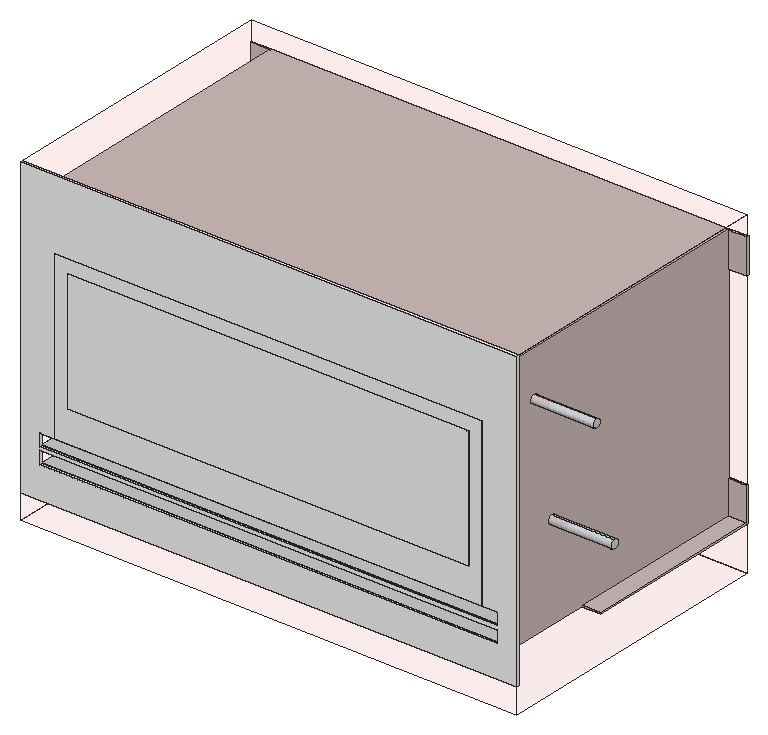
Revit family "Air-Curtain_Customer-Entry_PoweredAire_ECC-HW", category Mechanical Equipment, host Face, Revit 2025
Family settings
  Host = Face
  Round Connector Dimension = Use Diameter
  Part Type = Normal
  OmniClass Number = 23.75.35.17.21
  OmniClass Title = Air Curtains
  Cut with Voids When Loaded = No
  Maintain Annotation Orientation = No
  Shared = No
  Room Calculation Point = No
Parameters
  upperpiperotation [instance] = if(Upper Pipe Connection Side A, 0.00°, 180.00°)  # 0.00°
  lowerpiperotation [instance] = if(Lower Pipe Connection Side A, 0.00°, 180.00°)  # 0.00°
  locateupperpipe [instance] = if(Upper Pipe Connection Side A, 0' 0", Nozzle Width)  # 0' - 0"
  locatelowerpipe [instance] = if(Lower Pipe Connection Side A, 0' 0", Nozzle Width)  # 0' - 0"
  Warranty Duration (Years) = 0
  Upper Pipe Connection Side A [instance] = yes
  Unit Width Notes = "Other Widths available."  # constant formula
  Unit Width = 3' - 3"
  Unit Weight = 0
  Unit Height = 1' - 10 3/4"
  Unit Depth = 1' - 11 1/4"
  URL = "http://www.poweredaire.com/"
  Test Data = ""
  Standards Conformance = "as Specified"
  Specification = "http://www.arcat.com/sdspecs/htm04/23_34_33pai.htm"
  SpecWizard = ""
  Sound Pressure = "as Specified"
  Sales Information = "http://www.poweredaire.com/contact_us"
  Revision = "R1_2016-08"
  Projection from Host [instance] = 0' - 2"
  Product Properties = ""
  Product Data = "http://www.arcat.com/arcatcos/cos47/arc47623.html"
  Power Rating = 0 W
  Piping_Water Flow [instance] = 0 GPM
  Piping_Operating Pressure [instance] = 0.00 psi
  Piping_Exit Temperature [instance] = 0 °F
  Piping_Entry Temperature [instance] = 0 °F
  Pipe OD [instance] = 5/8"
  Nozzle Width = if(1 = 1, Unit Width - 0' 3", 0' 0")  # 3' - 0"
  Mounting Width = if(1 = 1, Unit Width - 0' 1 1/2", 0' 0")  # 3' - 1 1/2"
  Mounting Height [instance] = 3' - 6"
  Motor RPM = 0
  Motor HP = 0
  Motor Count = 0
  Model = "As Specified"
  Max Height = 0' - 0"
  Manufacturer Website = "http://www.poweredaire.com/"
  Manufacturer Phone - Toll Free = "888-321-2473"
  Manufacturer Phone = "724-588-3305"
  Manufacturer Fax = "724-588-3371"
  Manufacturer Address = "109 Mortensen Rd.  Greenville, PA 16125"
  Manufacturer = "Powered Aire, Inc"
  Maintenance Schedule (Months) = 0
  Lower Pipe Connection Side A [instance] = yes
  Keynote = "23 34 33"
  Installation-Fabrication = ""
  Installation Phase = ""
  Include Clearance [instance] = yes
  Heating Element Load = 0 W
  HVAC_Temperature Rise = 0 °F
  HVAC_Outlet Volume = 0 CFM
  HVAC_Outlet Velocity Uniformity = 0
  HVAC_Outlet Velocity = 0 FPM
  HVAC_BTU Input = 0.0 Btu/h
  Green Building-LEED = "http://www.arcat.com/green/clients/leed_data_47623.html"
  Front Grating Material [instance] = Metal - Steel - PoweredAire - White Perforated
  Frame Finish [instance] = Metal - Steel - PoweredAire - Stainless 304
  Expected Lifespan (Years) = 0
  Electrical_Wattage [instance] = Power Rating + Heating Element Load  # 0 W
  Electrical_Voltage [instance] = 0 V
  Electrical_Phase [instance] = 1
  Electrical_Frequency [instance] = 0 Hz
  Electrical_Amperage [instance] = 0 A
  Drawn By = "Sumex Design, Inc. / Robert S. Weygant, CSI, CDT, SCIP"
  Description = "Powered Aire Air Curtain as Specified"
  Default Elevation = 0' - 0"  # constant formula
  Cover Finish [instance] = Metal - Steel - PoweredAire - White
  Copyright = "©Arcat Inc."
  Construction Details = "http://www.arcat.com/details/powair/prod3336.html"
  Clearance_Top [instance] = 0' - 0"
  Clearance_Side B [instance] = 0' - 0"
  Clearance_Side A [instance] = 0' - 0"
  Clearance_Intake [instance] = 0' - 0"
  Clearance_Front [instance] = 0' - 0"
  Clearance Material [instance] = ARCAT Clearance
  Building Codes = ""
  Available Options [instance] = "as Specified"
  Assembly Code = "D3090400"
Reference planes (in)
  plane 1 "Center (Elevation)": y = 11.51318
  plane 2: z = 0
  plane 3 "Center (Left/Right)": x = 0
  plane 4: y = 22.88818
  plane 5: y = 0.13818
  plane 6: x = -19.5
  plane 7: x = 19.5
  plane 8: z = 25.25
  plane 9 "FF": y = -41.86182
  plane 10: z = 2
  plane 11: x = 18
  plane 12: x = -18
  plane 13: y = 22.88818
  plane 14: y = 0.13818
  plane 15: x = -19.5
  plane 16: x = 19.5
  plane 17: z = 25.25
  plane 18: y = 0.38818
  plane 19: x = 18
  plane 20: x = 18
  plane 21: z = 20.25
  plane 22: z = 11
Forms (in)
  Extrusion 1, solid, material "ARCAT Clearance" <- "Clearance Material", visible <- "Include Clearance"
    sketch origin (0, 0, 0) x (0, 1, 0) y (0, 0, 1)
      loop
        line (0.13818, 25.25) -> (0.13818, 0) -> (22.88818, 0) -> (22.88818, 25.25) -> (0.13818, 25.25)
    from -19.5 to 19.5
  Extrusion 2, solid, material "Metal - Steel - PoweredAire - White" <- "Cover Finish"
    sketch origin (0, 11.51318, 0) x (1, 0, 0) y (0, 0, 1)
      loop
        line (-19.5, 25.25) -> (-19.5, 2) -> (19.5, 2) -> (19.5, 25.25) -> (-19.5, 25.25)
    from 11.125 to 11.375
  Extrusion 3, solid, material "Metal - Steel - PoweredAire - Stainless 304" <- "Frame Finish"
    sketch origin (0, 11.51318, 0) x (1, 0, 0) y (0, 0, 1)
      loop
        line (18, 23.75) -> (-18, 23.75) -> (-18, 3.5) -> (18, 3.5) -> (18, 23.75)
    from -11.375 to 11.125
  Extrusion 4, void
    sketch origin (0, 0, 0) x (0, 1, 0) y (0, 0, 1)
      loop
        line (0.13818, 5.5) -> (0.13818, 4.5) -> (1.88818, 4.5) -> (1.88818, 6.75) -> (0.13818, 6.75) -> (0.13818, 5.75) -> (1.63818, 5.75) -> (1.63818, 5.5) -> (0.13818, 5.5)
    from -18 to 18
  Extrusion 5, solid, material "Metal - Steel - PoweredAire - White" <- "Cover Finish"
    sketch origin (-11.83813, 0.13818, 48) x (-1, 0, 0) y (0, 0, 1)
      loop
        line (4.91187, -41.25) -> (4.91187, -28.25) -> (-28.58813, -28.25) -> (-28.58813, -41.25) -> (4.91187, -41.25)
    from 0 to -0.03125
  Extrusion 6, solid, material "Metal - Steel - PoweredAire - White Perforated" <- "Front Grating Material"
    sketch origin (-11.83813, 0.10693, 48) x (1, 0, 0) y (0, 0, 1)
      loop
        line (-3.91187, -29.25) -> (-3.91187, -38.75) -> (27.58813, -38.75) -> (27.58813, -29.25) -> (-3.91187, -29.25)
    from 0 to 0.03125
  Extrusion 7, solid, material "Metal - Steel - PoweredAire - Stainless 304" <- "Frame Finish"
    sketch origin (-15.17702, -180, 2) x (-1, 0, 0) y (0, -1, 0)
      loop
        line (-33.17702, -202.88818) -> (-33.17702, -188.38818) -> (-34.67702, -188.38818) -> (-34.67702, -202.88818) -> (-33.17702, -202.88818)
      loop
        line (2.82298, -202.88818) -> (4.32298, -202.88818) -> (4.32298, -188.38818) -> (2.82298, -188.38818) -> (2.82298, -202.88818)
    from 1.5 to 1.625
  Extrusion 8, solid, material "Metal - Steel - PoweredAire - Stainless 304" <- "Frame Finish"
    sketch origin (-11.83813, 22.88818, 48) x (-1, 0, 0) y (0, 0, 1)
      loop
        line (7.66187, -44.5) -> (7.66187, -41.75) -> (6.16187, -41.75) -> (6.16187, -44.5) -> (7.66187, -44.5)
      loop
        line (-31.33813, -44.5) -> (-29.83813, -44.5) -> (-29.83813, -41.75) -> (-31.33813, -41.75) -> (-31.33813, -44.5)
      loop
        line (7.66187, -27) -> (7.66187, -24.25) -> (6.16187, -24.25) -> (6.16187, -27) -> (7.66187, -27)
      loop
        line (-31.33813, -27) -> (-29.83813, -27) -> (-29.83813, -24.25) -> (-31.33813, -24.25) -> (-31.33813, -27)
    from 0 to -0.125
  Sweep 9, solid
    path origin (18, 11.51318, 20.25) x (1, 0, 0) y (0, 0, 1)
      loop
        line (0, 0) -> (5, 0)
    profile origin (20.5, 11.51318, 20.25) x (0, 0, 1) y (0, -1, 0)
      loop
        circle (0, 7.875) r 0.3125
  Sweep 10, solid
    path origin (18, 11.51318, 11) x (1, 0, 0) y (0, 0, 1)
      loop
        line (0, 0) -> (5, 0)
    profile origin (20.5, 11.51318, 11) x (0, 0, 1) y (0, -1, 0)
      loop
        circle (0, 6.125) r 0.3125
Cuts and joins
  Extrusion 4 cuts Extrusion 1
  Extrusion 4 cuts Extrusion 2
  Extrusion 4 cuts Extrusion 3
Lines and regions (in)
  reference lines
    curve 1: line (18, 11.51318, 20.25) -> (25.75, 11.51318, 20.25)
    curve 2: line (18, 11.51318, 11) -> (26.25, 11.51318, 11)
Dimensions and locks (in)
  equal spacing: plane 4, plane 1 "Center (Elevation)", plane 5
  "Unit Height": plane 4 to plane 5
  equal spacing: plane 6, plane 3 "Center (Left/Right)", plane 7
  "Unit Width": plane 6 to plane 7
  "Mounting Height": plane 5 to plane 9 "FF"
  "Projection from Host": plane 10 to level
  "Unit Depth": plane 8 to plane 10
  locked: plane 6 to plane 12 at 1.5
  locked: plane 11 to plane 7 at 1.5
  "Clearance_Side A": plane 7 to plane 16
  "Clearance_Side B": plane 15 to plane 6
  "Clearance_Top": plane 13 to plane 4
  "Clearance_Intake": plane 5 to plane 14
  "Clearance_Front": plane 17 to plane 8
  locked: plane 8 to Extrusion 3 sketch curve at 1.5
  locked: Extrusion 3 sketch curve to plane 10 at 1.5
  locked: plane 7 to Extrusion 3 sketch curve at 1.5
  locked: Extrusion 3 sketch curve to plane 6 at 1.5
  locked: plane 18 to plane 5 at 0.25
  Extrusion 4 sketch curve to Extrusion 4 sketch curve to Extrusion 4 sketch curve to Extrusion 4 sketch curve to plane 10 = 0' - 1" locked, 0' - 0 1/4" locked, 0' - 1" locked, 0' - 2 1/2" locked
  Extrusion 5 sketch curve to Extrusion 5 sketch curve to plane 10 = 1' - 1" locked, 0' - 4 3/4" locked
  locked: plane 11 to Extrusion 5 sketch curve at 1.25
  locked: Extrusion 5 sketch curve to plane 12 at 1.25
  Extrusion 6 sketch curve to Extrusion 6 sketch curve to plane 10 = 0' - 9 1/2" locked, 0' - 7 1/4" locked
  locked: Extrusion 6 sketch curve to plane 12 at 2.25
  locked: plane 11 to Extrusion 6 sketch curve at 2.25
  locked: plane 4 to Extrusion 7 sketch curve at 14.5  (x2)
  Extrusion 8 sketch curve to Extrusion 8 sketch curve to Extrusion 8 sketch curve to Extrusion 8 sketch curve to plane 10 = 0' - 2 3/4" locked, 1' - 2 3/4" locked, 0' - 2 3/4" locked, 0' - 1 1/2" locked  (x2)
  "locatelowerpipe": plane 19 to plane 11
  "locateupperpipe": plane 20 to plane 11
  locked: plane 8 to plane 21 at 5
  locked: plane 22 to plane 10 at 9
  locked: curve 1 to Sweep 9 sketch curve at 5
  locked: curve 1 to Sweep 9 sketch curve
  locked: curve 2 to Sweep 10 sketch curve at 5
  locked: curve 2 to Sweep 10 sketch curve
  locked: plane 5 to Sweep 9 sketch curve at 3.5
  locked: plane 5 to Sweep 10 sketch curve at 5.25
  "lowerpiperotation": angle plane 21 to curve 1
  "upperpiperotation": angle plane 22 to curve 2
  aligned and locked: plane 2 to host face
  aligned and locked: level to host face
  aligned and locked: Extrusion 1 sketch curve to plane 17
  aligned and locked: plane 14 to Extrusion 1 sketch curve
  aligned and locked: level to Extrusion 1 sketch curve
  aligned and locked: Extrusion 1 sketch curve to plane 13
  aligned and locked: plane 16 to Extrusion 1
  aligned and locked: Extrusion 1 to plane 15
  aligned and locked: Extrusion 2 sketch curve to plane 8
  aligned and locked: plane 6 to Extrusion 2 sketch curve
  aligned and locked: Extrusion 2 sketch curve to plane 10
  aligned and locked: Extrusion 2 sketch curve to plane 7
  aligned and locked: Extrusion 3 to plane 4
  aligned and locked: Extrusion 3 to plane 18
  aligned and locked: Extrusion 2 to plane 18
  aligned and locked: Extrusion 2 to plane 5
  aligned and locked: plane 11 to Extrusion 4
  aligned and locked: Extrusion 4 to plane 12
  aligned and locked: Extrusion 7 sketch curve to plane 4  (x2)
  aligned and locked: plane 20 to curve 2
  aligned and locked: plane 22 to curve 2
  aligned and locked: plane 19 to curve 1
  aligned and locked: plane 21 to curve 1
Automatic sketch dimensions
  host sketch curve to host sketch curve = 8' - 0"  (x2)
  Extrusion 4 sketch curve to plane 5 = 0' - 0"  (x2)
  plane 18 to Extrusion 4 sketch curve = 0' - 1 1/4"
  Extrusion 4 sketch curve to Extrusion 4 sketch curve = 0' - 0 1/4"
  Extrusion 7 sketch curve to plane 7 = 0' - 0"
  Extrusion 7 sketch curve to plane 11 = 0' - 0"
  Extrusion 7 sketch curve to plane 12 = 0' - 0"
  Extrusion 7 sketch curve to plane 6 = 0' - 0"
  Extrusion 8 sketch curve to plane 7 = 0' - 0"  (x2)
  Extrusion 8 sketch curve to plane 11 = 0' - 0"  (x2)
  Extrusion 8 sketch curve to plane 12 = 0' - 0"  (x2)
  Extrusion 8 sketch curve to plane 6 = 0' - 0"  (x2)
  profile plane to Sweep 9 sketch curve = 0' - 0"
  profile plane to Sweep 10 sketch curve = 0' - 0"
  radius of Sweep 9 sketch curve = 0' - 0 5/16"
  radius of Sweep 10 sketch curve = 0' - 0 5/16"
Connectors (in)
  electrical at (-18, 6.38818, 9.625), driven by "Electrical_Voltage", driven by "Electrical_Phase"
    settings: on cut or joined group of Extrusion 3, Extrusion 4, index 1, voltage 0 V, apparent load 0 VA, apparent load phase1 0 VA, apparent load phase2 0 VA, apparent load phase3 0 VA, power factor 1, load classification "Other", number of poles 1, system type 31, power factor state 1, is connector primary yes, connector utility no, sub classification motor no, connector description ""
  piping at (23, 3.63818, 20.25), diameter 0.625, driven by "Pipe OD"
    settings: on Sweep 9, index 2, connector inside diameter 24", connector length 0' - 0", flow factor 0, pipe flow 0 GPM, pressure drop 0.00 psi, fitting loss kfactor 0, connector angle 0.00°, fixture units 0, engagement length 0' - 0", angle of deflection 0.00°, flow configuration 0, flow direction 0, fitting loss method 0, system type 29, joint type 0, gender type 0, connector reference index -1, connector utility 0, adjustable connector no, is connector primary no, connector description "Define Supply or Return and Location"
  piping at (23, 5.38818, 11), diameter 0.625, driven by "Pipe OD"
    settings: on Sweep 10, index 3, connector inside diameter 24", connector length 0' - 0", flow factor 0, pipe flow 0 GPM, pressure drop 0.00 psi, fitting loss kfactor 0, connector angle 0.00°, fixture units 0, engagement length 0' - 0", angle of deflection 0.00°, flow configuration 0, flow direction 0, fitting loss method 0, system type 29, joint type 0, gender type 0, connector reference index -1, connector utility 0, adjustable connector no, is connector primary yes, connector description "Define Supply or Return and Location"
